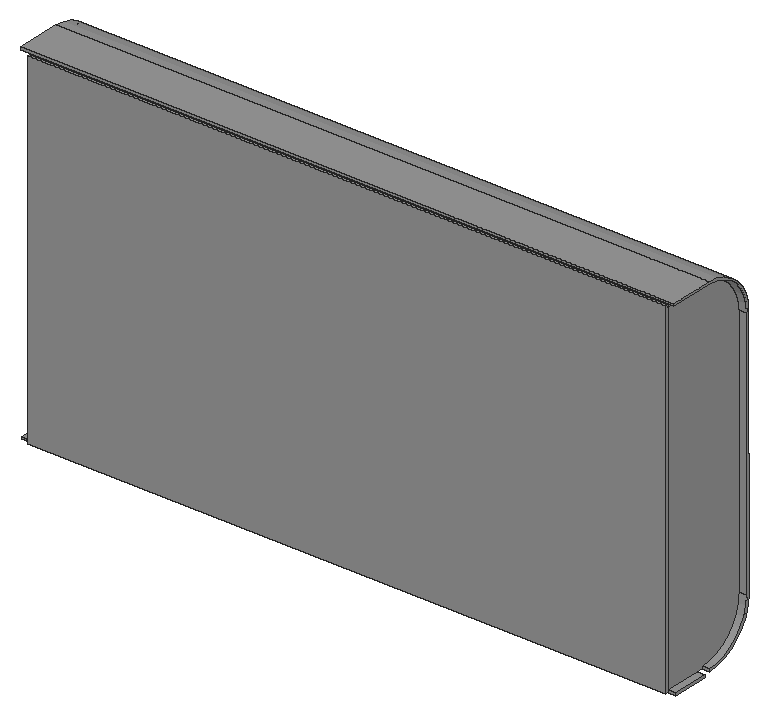
Revit family "3250 Björk_Baby change unit paper dispenser", category Furniture Systems, host Wall, Revit 2017
Family settings
  Host = Wall
  Round Connector Dimension = Use Diameter
  Part Type = Normal
  Always vertical = Yes
  Cut with Voids When Loaded = No
  Shared = No
  Room Calculation Point = No
Parameters (values of type "WHITE")
  Surface Front = WHITE
  Surface Back = WHITE
Reference planes
  plane 1 "Wall": y = 0
  plane 2 "Center (Left/Right)": x = 125
  plane 3 "Back": y = 75
Text (mm)
  text "Placement Side" at (-1848.837, 1116.779, 0), in view "Ref. Level"
  text "Placement side" at (0, 1409.804, 2854.306), in view "Left"
  text "Placement side" at (0, 499.811, 2980.732), in view "Right"
Dimensions and locks
  locked: plane 3 "Back" to host wall
  aligned and locked: plane 1 "Wall" to host wall
  aligned and locked: nested 1 to plane 3 "Back"
  aligned and locked: plane 3 "Back" to nested 1
  aligned and locked: nested 1 to plane 2 "Center (Left/Right)"
Nested families
  nested 1: "Master 3250 Baby change unit paper dispenser" at (125, 75, 1000) x (-1, 0, 0) z (0, 0, 1), type "Master 3250 Baby change unit paper dispenser"
Definition of nested family "Master 3250 Baby change unit paper dispenser"
  Parameters (values of type "Master 3250 Baby change unit paper dispenser")
    Surface Front = none
    Surface Back = none
    Model = "Björk Baby change unit dispenser - 3250"
    Manufacturer = "Dan Dryer"
    Description = "Baby change unit dispenser"
    Cost = 0
  Reference planes
    plane 1 "Center (Front/Back)": y = 0
    plane 2: z = 0
    plane 3 "Center (Left/Right)": x = 0
  Dimensions and locks
    aligned and locked: level to plane 2
    aligned and locked: level to nested 2
    aligned and locked: level to nested 1
    aligned and locked: plane 3 "Center (Left/Right)" to nested 2
    aligned and locked: nested 2 to nested 1
    aligned and locked: plane 1 "Center (Front/Back)" to nested 1
    aligned and locked: nested 2 to plane 1 "Center (Front/Back)"
  Nested families
    nested 1: "Bagplade Komponent" at (0, 0, -1.5), type "Bagplade Komponent"
    nested 2: "Forplade Komponent lukket" at (0, -13.483, 0), type "Forplade Komponent lukket"
  Definition of nested family "Bagplade Komponent"
    Parameters (values of type "Bagplade Komponent")
      Surface Back = none
      Materiale = none
    Reference planes
      plane 1 "Center (Front/Back)": y = 0
      plane 2: z = 0
      plane 3 "Center (Left/Right)": x = 0
    Forms (mm)
      Extrusion 1, solid, material <- "Surface Back"
        sketch origin (0, 0, 79) x (1, 0, 0) y (0, 0, 1)
          loop
            line (-200, -79) -> (200, -79) -> (200, 139) -> (-200, 139) -> (-200, -79)
        from 0 to 1.5
      Extrusion 2, solid, material <- "Surface Back"
        sketch origin (-200, 0, 188) x (0, 0, -1) y (0, -1, 0)
          loop
            line (186.5, 1.5) -> (186.5, 28)
            arc (186.5, 28) -> (178.006, 48.506) -> (157.5, 57) r 29
            line (157.5, 57) -> (-1, 57)
            arc (-1, 57) -> (-21.506, 48.506) -> (-30, 28) r 29
            line (-30, 28) -> (-30, 13.5) -> (-28.5, 13.5) -> (-28.5, 1.5) -> (186.5, 1.5)
        from 0 to -1.5
      Extrusion 3, solid, material <- "Surface Back"
        sketch origin (198.5, 0, 188) x (0, 0, -1) y (0, -1, 0)
          loop
            line (186.5, 1.5) -> (186.5, 28)
            arc (186.5, 28) -> (178.006, 48.506) -> (157.5, 57) r 29
            line (157.5, 57) -> (-1, 57)
            arc (-1, 57) -> (-21.506, 48.506) -> (-30, 28) r 29
            line (-30, 28) -> (-30, 13.5) -> (-28.5, 13.5) -> (-28.5, 1.5) -> (186.5, 1.5)
        from 0 to -1.5
      Extrusion 4, solid, material <- "Surface Back"
        sketch origin (200, 0, 218) x (-1, 0, 0) y (0, -1, 0)
          loop
            line (400, 1.5) -> (400, 13.5) -> (0, 13.5) -> (0, 1.5) -> (400, 1.5)
        from 0 to -1.5
      Extrusion 5, solid, material <- "Surface Back"
        sketch origin (-200, 0, 0) x (0, -1, 0) y (-1, 0, 0)
          loop
            line (1.5, 5) -> (1.5, -32) -> (24.5, -32) -> (24.5, 5) -> (1.5, 5)
        from 0 to -1.5
      Extrusion 6, solid, material <- "Surface Back"
        sketch origin (200, 0, 0) x (0, 1, 0) y (1, 0, 0)
          loop
            line (-1.5, 5) -> (-24.5, 5) -> (-24.5, -32) -> (-1.5, -32) -> (-1.5, 5)
        from 0 to -1.5
      Extrusion 7, solid, material <- "Surface Back"
        sketch origin (-200, 0, 0) x (0, -1, 0) y (-1, 0, 0)
          loop
            line (1.5, -61) -> (1.5, -339) -> (8.5, -339) -> (8.5, -61) -> (1.5, -61)
        from 0 to -1.5
    Dimensions and locks
      aligned and locked: level to plane 2
  Definition of nested family "Forplade Komponent lukket"
    Parameters (values of type "Forplade Komponent lukket")
      Surface Front = none
    Reference planes
      plane 1 "Center (Front/Back)": y = 0
      plane 2: z = 0
      plane 3 "Center (Left/Right)": x = 0
    Forms (mm)
      Extrusion 1, solid, material <- "Surface Front"
        sketch origin (0, 0, 79.75) x (0, 1, 0) y (0, 0, 1)
          loop
            arc (-14.5, -78.25) -> (-35.006, -69.756) -> (-43.5, -49.25) r 29
            line (-43.5, -49.25) -> (-43.5, 109.25)
            arc (-43.5, 109.25) -> (-35.006, 129.756) -> (-14.5, 138.25) r 29
            line (-14.5, 138.25) -> (13.483, 138.25) -> (13.483, 139.75) -> (-14.5, 139.75)
            arc (-14.5, 139.75) -> (-36.067, 130.817) -> (-45, 109.25) r 30.5
            line (-45, 109.25) -> (-45, -49.25)
            arc (-45, -49.25) -> (-36.067, -70.817) -> (-14.5, -79.75) r 30.5
            line (-14.5, -79.75) -> (-14.5, -78.25)
        from -205 to 205
      Extrusion 2, void
        sketch origin (0, 0, 79.75) x (1, 0, 0) y (0, 0, 1)
          loop
            line (-165, -8.116) -> (164.987, -8.116)
            arc (164.987, -8.116) -> (174.987, 1.884) -> (164.987, 11.884) r 10
            line (164.987, 11.884) -> (-165, 11.884)
            arc (-165, 11.884) -> (-175, 1.884) -> (-165, -8.116) r 10
        from 31.755 to 69.02
      Extrusion 3, solid
        sketch origin (0, -45, -42) x (0, 0, 1) y (-1, 0, 0)
          loop
            circle (214.218, 0) r 15
        from 0 to 20
    Cuts and joins
      Extrusion 2 cuts Extrusion 1
    Lines and regions (mm)
      model lines
        curve 1: line (0, -11, -58.5) -> (0, -11, -60)
    Dimensions and locks
      aligned and locked: level to plane 2
